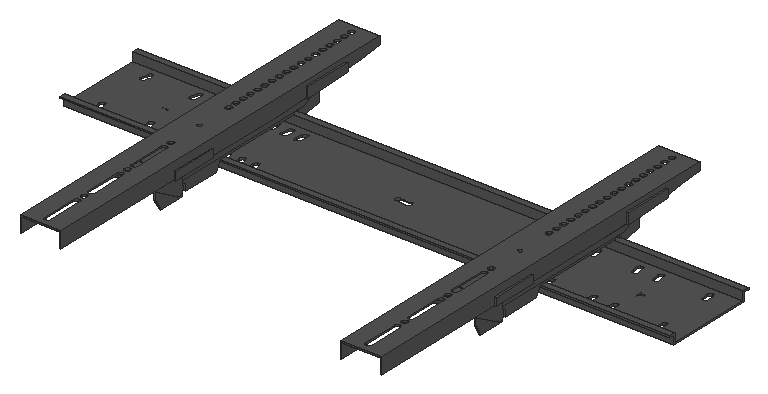
Revit family "Display_Mount-Wall-Vogels-PFW6810", category Specialty Equipment, host Face, Revit 2019
Family settings
  Host = Face
  Round Connector Dimension = Use Diameter
  Part Type = Normal
  Cut with Voids When Loaded = No
  Shared = No
  Room Calculation Point = No
Parameters (values of type "PFW 6810")
  Width = 33.23"
  Distance Between Strips [instance] = 17.45"
  Angle Top [instance] = if([5º Tilt], 24.54°, if([10º Tilt], 43.55°, if([15º Tilt], 55.51°, 0.00°)))  # 0.00°
  URL = "https://www.vogels.com/en/p/pfw-6810-display-wall-mount-tilt"
  Rail Width = 5.35"  # constant formula
  Product Material = Metal - Painted - Vogels - Black
  Pivot Horizontal Offset [instance] = if([5º Tilt], 2.56", if([10º Tilt], 3.06", if([15º Tilt], 3.08", 1.45")))  # 1.45"
  Model = "PFW 6810"  # constant formula
  Minimum Screen Size Inches = 55.00"  # constant formula
  Maximum Weight Load = 75 kg  # constant formula
  Maximum Screen Size Inches = 80.00"  # constant formula
  Manufacturer = "Vogel´s"  # constant formula
  Pivot Vertical Offset [instance] = if([5º Tilt], 7.10", if([10º Tilt], 6.27", if([15º Tilt], 5.54", 7.51")))  # 7.51"
  Height = 21.65354"
  Description = "Display Wall Mount Tilt. Tilt in 0°, 5°, 10° and 15° Increments"
  Depth = 2.04493"
  Default Elevation = 48.00"
  Angle Bottom [instance] = if([5º Tilt], 41.70°, if([10º Tilt], 75.99°, if([15º Tilt], 101.51°, 0.00°)))  # 0.00°
  Angle [instance] = if([5º Tilt], 5.00°, if([10º Tilt], 10.00°, if([15º Tilt], 15.00°, 0.00°)))  # 0.00°
  5º Tilt [instance] = no
  15º Tilt [instance] = no
  10º Tilt [instance] = no
  0º Tilt [instance] = yes
Reference planes (in)
  plane 1 "Center (Front/Back)": y = 0
  plane 2: z = 0
  plane 3 "Center (Left/Right)": x = 0
  plane 4: x = -16.615
  plane 5: x = 16.615
  plane 6: x = -8.725
  plane 7: x = 8.725
  plane 8: z = 2.04493
  plane 9: y = 2.675
  plane 10: y = -2.675
  plane 11 "Pivot Plane Horizontal": z = 1.45
  plane 12 "Pivot Plane Vertical": y = -7.51
  plane 13: y = -13.81323
  plane 14: y = 7.84032
  plane 15: y = 3.18993
  plane 16 "Anchor Pivot Plane": z = 1.45662
  plane 17: y = -5.86535
Forms (in)
  Extrusion 1, solid, material "Metal - Painted - Vogels - Black" <- "Product Material"
    sketch origin (0, 0, 0) x (0, 1, 0) y (0, 0, 1)
      loop
        line (2.39941, 0) -> (2.39941, 0.47244) -> (2.675, 0.47244) -> (2.675, 0.55118) -> (2.32067, 0.55118) -> (2.32067, 0.07874) -> (-2.32067, 0.07874) -> (-2.32067, 0.55118) -> (-2.675, 0.55118) -> (-2.675, 0.47244) -> (-2.39941, 0.47244) -> (-2.39941, 0) -> (2.39941, 0)
    from -16.615 to 16.615
  Sweep 2, void
    path origin (0, -4.15176, 0) x (-1, 0, 0) y (0, 0, 1)
      loop
        line (0, 1.45) -> (0, 0)
    profile origin (0, -4.15176, 0.725) x (0, 1, 0) y (-1, 0, 0)
      loop
        line (4.15628, 13.11106) -> (3.9988, 12.7961) -> (4.31376, 12.7961) -> (4.15628, 13.11106)
      loop
        line (5.96657, 12.72539) -> (5.59938, 12.792)
        arc (5.59938, 12.792) -> (5.41466, 12.66266) -> (5.54399, 12.47794) r 0.15945
        line (5.54399, 12.47794) -> (5.90966, 12.41162)
        arc (5.90966, 12.41162) -> (6.095, 12.54005) -> (5.96657, 12.72539) r 0.15945
      loop
        line (4.15628, -13.11106) -> (4.31376, -12.7961) -> (3.9988, -12.7961) -> (4.15628, -13.11106)
      loop
        line (4.31121, -0.29528) -> (4.31121, 0.29528)
        arc (4.31121, 0.29528) -> (4.15176, 0.45472) -> (3.99231, 0.29528) r 0.15945
        line (3.99231, 0.29528) -> (3.99231, -0.29528)
        arc (3.99231, -0.29528) -> (4.15176, -0.45472) -> (4.31121, -0.29528) r 0.15945
      loop
        arc (2.33695, 12.72539) -> (2.20852, 12.54005) -> (2.39387, 12.41162) r 0.15945
        line (2.39387, 12.41162) -> (2.75954, 12.47794)
        arc (2.75954, 12.47794) -> (2.88887, 12.66266) -> (2.70415, 12.792) r 0.15945
        line (2.70415, 12.792) -> (2.33695, 12.72539)
      loop
        line (5.96657, 11.57947) -> (5.59938, 11.64608)
        arc (5.59938, 11.64608) -> (5.41466, 11.51674) -> (5.54399, 11.33202) r 0.15945
        line (5.54399, 11.33202) -> (5.90966, 11.2657)
        arc (5.90966, 11.2657) -> (6.095, 11.39413) -> (5.96657, 11.57947) r 0.15945
      loop
        arc (2.33695, 11.57947) -> (2.20852, 11.39413) -> (2.39387, 11.2657) r 0.15945
        line (2.39387, 11.2657) -> (2.75954, 11.33202)
        arc (2.75954, 11.33202) -> (2.88887, 11.51674) -> (2.70415, 11.64608) r 0.15945
        line (2.70415, 11.64608) -> (2.33695, 11.57947)
      loop
        line (5.96657, 9.28797) -> (5.59938, 9.35457)
        arc (5.59938, 9.35457) -> (5.41466, 9.22524) -> (5.54399, 9.04052) r 0.15945
        line (5.54399, 9.04052) -> (5.90966, 8.97419)
        arc (5.90966, 8.97419) -> (6.095, 9.10263) -> (5.96657, 9.28797) r 0.15945
      loop
        arc (2.33695, 9.28797) -> (2.20852, 9.10263) -> (2.39387, 8.97419) r 0.15945
        line (2.39387, 8.97419) -> (2.75954, 9.04052)
        arc (2.75954, 9.04052) -> (2.88887, 9.22524) -> (2.70415, 9.35457) r 0.15945
        line (2.70415, 9.35457) -> (2.33695, 9.28797)
      loop
        line (5.96657, 8.52199) -> (5.59938, 8.58859)
        arc (5.59938, 8.58859) -> (5.41466, 8.45926) -> (5.54399, 8.27454) r 0.15945
        line (5.54399, 8.27454) -> (5.90966, 8.20821)
        arc (5.90966, 8.20821) -> (6.095, 8.33664) -> (5.96657, 8.52199) r 0.15945
      loop
        arc (2.33695, 8.52199) -> (2.20852, 8.33664) -> (2.39387, 8.20821) r 0.15945
        line (2.39387, 8.20821) -> (2.75954, 8.27454)
        arc (2.75954, 8.27454) -> (2.88887, 8.45926) -> (2.70415, 8.58859) r 0.15945
        line (2.70415, 8.58859) -> (2.33695, 8.52199)
      loop
        line (5.96657, 7.75603) -> (5.59938, 7.82263)
        arc (5.59938, 7.82263) -> (5.41466, 7.69329) -> (5.54399, 7.50857) r 0.15945
        line (5.54399, 7.50857) -> (5.90966, 7.44225)
        arc (5.90966, 7.44225) -> (6.095, 7.57068) -> (5.96657, 7.75603) r 0.15945
      loop
        arc (2.33695, 7.75603) -> (2.20852, 7.57068) -> (2.39387, 7.44225) r 0.15945
        line (2.39387, 7.44225) -> (2.75954, 7.50857)
        arc (2.75954, 7.50857) -> (2.88887, 7.69329) -> (2.70415, 7.82263) r 0.15945
        line (2.70415, 7.82263) -> (2.33695, 7.75603)
      loop
        line (5.96657, 6.99005) -> (5.59938, 7.05666)
        arc (5.59938, 7.05666) -> (5.41466, 6.92732) -> (5.54399, 6.7426) r 0.15945
        line (5.54399, 6.7426) -> (5.90966, 6.67628)
        arc (5.90966, 6.67628) -> (6.095, 6.80471) -> (5.96657, 6.99005) r 0.15945
      loop
        arc (2.33695, 6.99005) -> (2.20852, 6.80471) -> (2.39387, 6.67628) r 0.15945
        line (2.39387, 6.67628) -> (2.75954, 6.7426)
        arc (2.75954, 6.7426) -> (2.88887, 6.92732) -> (2.70415, 7.05666) r 0.15945
        line (2.70415, 7.05666) -> (2.33695, 6.99005)
      loop
        line (5.96657, 15.3992) -> (5.59938, 15.46581)
        arc (5.59938, 15.46581) -> (5.41466, 15.33647) -> (5.54399, 15.15175) r 0.15945
        line (5.54399, 15.15175) -> (5.90966, 15.08543)
        arc (5.90966, 15.08543) -> (6.095, 15.21386) -> (5.96657, 15.3992) r 0.15945
      loop
        arc (2.33695, 15.3992) -> (2.20852, 15.21386) -> (2.39387, 15.08543) r 0.15945
        line (2.39387, 15.08543) -> (2.75954, 15.15175)
        arc (2.75954, 15.15175) -> (2.88887, 15.33647) -> (2.70415, 15.46581) r 0.15945
        line (2.70415, 15.46581) -> (2.33695, 15.3992)
      loop
        arc (5.96657, -15.3992) -> (6.095, -15.21386) -> (5.90966, -15.08543) r 0.15945
        line (5.90966, -15.08543) -> (5.54399, -15.15175)
        arc (5.54399, -15.15175) -> (5.41466, -15.33647) -> (5.59938, -15.46581) r 0.15945
        line (5.59938, -15.46581) -> (5.96657, -15.3992)
      loop
        line (2.33695, -15.3992) -> (2.70415, -15.46581)
        arc (2.70415, -15.46581) -> (2.88887, -15.33647) -> (2.75954, -15.15175) r 0.15945
        line (2.75954, -15.15175) -> (2.39387, -15.08543)
        arc (2.39387, -15.08543) -> (2.20852, -15.21386) -> (2.33695, -15.3992) r 0.15945
      loop
        arc (5.96657, -12.72539) -> (6.095, -12.54005) -> (5.90966, -12.41162) r 0.15945
        line (5.90966, -12.41162) -> (5.54399, -12.47794)
        arc (5.54399, -12.47794) -> (5.41466, -12.66266) -> (5.59938, -12.792) r 0.15945
        line (5.59938, -12.792) -> (5.96657, -12.72539)
      loop
        line (2.33695, -12.72539) -> (2.70415, -12.792)
        arc (2.70415, -12.792) -> (2.88887, -12.66266) -> (2.75954, -12.47794) r 0.15945
        line (2.75954, -12.47794) -> (2.39387, -12.41162)
        arc (2.39387, -12.41162) -> (2.20852, -12.54005) -> (2.33695, -12.72539) r 0.15945
      loop
        arc (5.96657, -11.57947) -> (6.095, -11.39413) -> (5.90966, -11.2657) r 0.15945
        line (5.90966, -11.2657) -> (5.54399, -11.33202)
        arc (5.54399, -11.33202) -> (5.41466, -11.51674) -> (5.59938, -11.64608) r 0.15945
        line (5.59938, -11.64608) -> (5.96657, -11.57947)
      loop
        line (2.33695, -11.57947) -> (2.70415, -11.64608)
        arc (2.70415, -11.64608) -> (2.88887, -11.51674) -> (2.75954, -11.33202) r 0.15945
        line (2.75954, -11.33202) -> (2.39387, -11.2657)
        arc (2.39387, -11.2657) -> (2.20852, -11.39413) -> (2.33695, -11.57947) r 0.15945
      loop
        arc (5.96657, -9.28797) -> (6.095, -9.10263) -> (5.90966, -8.97419) r 0.15945
        line (5.90966, -8.97419) -> (5.54399, -9.04052)
        arc (5.54399, -9.04052) -> (5.41466, -9.22524) -> (5.59938, -9.35457) r 0.15945
        line (5.59938, -9.35457) -> (5.96657, -9.28797)
      loop
        line (2.33695, -9.28797) -> (2.70415, -9.35457)
        arc (2.70415, -9.35457) -> (2.88887, -9.22524) -> (2.75954, -9.04052) r 0.15945
        line (2.75954, -9.04052) -> (2.39387, -8.97419)
        arc (2.39387, -8.97419) -> (2.20852, -9.10263) -> (2.33695, -9.28797) r 0.15945
      loop
        arc (5.96657, -8.52195) -> (6.095, -8.3366) -> (5.90966, -8.20817) r 0.15945
        line (5.90966, -8.20817) -> (5.54399, -8.27449)
        arc (5.54399, -8.27449) -> (5.41466, -8.45921) -> (5.59938, -8.58855) r 0.15945
        line (5.59938, -8.58855) -> (5.96657, -8.52195)
      loop
        line (2.33695, -8.52195) -> (2.70415, -8.58855)
        arc (2.70415, -8.58855) -> (2.88887, -8.45921) -> (2.75954, -8.27449) r 0.15945
        line (2.75954, -8.27449) -> (2.39387, -8.20817)
        arc (2.39387, -8.20817) -> (2.20852, -8.3366) -> (2.33695, -8.52195) r 0.15945
      loop
        arc (5.96657, -7.75834) -> (6.095, -7.57299) -> (5.90966, -7.44456) r 0.15945
        line (5.90966, -7.44456) -> (5.54399, -7.51088)
        arc (5.54399, -7.51088) -> (5.41466, -7.6956) -> (5.59938, -7.82494) r 0.15945
        line (5.59938, -7.82494) -> (5.96657, -7.75834)
      loop
        line (2.33695, -7.75834) -> (2.70415, -7.82494)
        arc (2.70415, -7.82494) -> (2.88887, -7.6956) -> (2.75954, -7.51088) r 0.15945
        line (2.75954, -7.51088) -> (2.39387, -7.44456)
        arc (2.39387, -7.44456) -> (2.20852, -7.57299) -> (2.33695, -7.75834) r 0.15945
      loop
        arc (5.96657, -6.99) -> (6.095, -6.80466) -> (5.90966, -6.67622) r 0.15945
        line (5.90966, -6.67622) -> (5.54399, -6.74255)
        arc (5.54399, -6.74255) -> (5.41466, -6.92727) -> (5.59938, -7.0566) r 0.15945
        line (5.59938, -7.0566) -> (5.96657, -6.99)
      loop
        line (2.33695, -6.99) -> (2.70415, -7.0566)
        arc (2.70415, -7.0566) -> (2.88887, -6.92727) -> (2.75954, -6.74255) r 0.15945
        line (2.75954, -6.74255) -> (2.39387, -6.67622)
        arc (2.39387, -6.67622) -> (2.20852, -6.80466) -> (2.33695, -6.99) r 0.15945
Cuts and joins
  Sweep 2 cuts Extrusion 1
Lines and regions (in)
  reference lines
    curve 1: line (0, -7.51, 1.45) -> (0, -2.51, 1.45)
    curve 2: line (0, -7.51, 1.45) -> (0, -7.51, 6.45)
    curve 3: line (0, 3.18993, 1.45662) -> (0, -0.85973, 1.45662)
    curve 4: line (0, 3.18993, 1.45662) -> (0, 3.18993, 3.16035)
    curve 5: line (0, -5.86535, 1.45662) -> (0, -8.40309, 1.45662)
    curve 6: line (0, -5.86535, 1.45662) -> (0, -5.86535, 3.70662)
Dimensions and locks (in)
  equal spacing: plane 4, plane 3 "Center (Left/Right)", plane 5
  "Width": plane 4 to plane 5
  "Depth": plane 8 to plane 2
  equal spacing: plane 9, plane 1 "Center (Front/Back)", plane 10
  "Rail Width": plane 9 to plane 10
  locked: plane 1 "Center (Front/Back)" to plane 14 at 7.84032
  "Height": plane 13 to plane 14
  Extrusion 1 sketch curve to Extrusion 1 sketch curve to plane 10 = 0.07874" locked, 0.27559" locked
  plane 9 to Extrusion 1 sketch curve to Extrusion 1 sketch curve = 0.27559" locked, 0.07874" locked
  "Pivot Vertical Offset": plane 1 "Center (Front/Back)" to plane 12 "Pivot Plane Vertical"
  "Pivot Horizontal Offset": plane 11 "Pivot Plane Horizontal" to plane 2
  locked: plane 2 to plane 16 "Anchor Pivot Plane" at 1.45662
  plane 15 to plane 1 "Center (Front/Back)" to plane 17 = 3.18993" locked, 5.86535" locked
  equal spacing: plane 6, plane 3 "Center (Left/Right)", plane 7
  "Distance Between Strips": plane 6 to plane 7
  locked: curve 1 to curve 2 (angle 90.00°)
  "Angle": angle plane 11 "Pivot Plane Horizontal" to curve 1
  "Angle Top": angle plane 16 "Anchor Pivot Plane" to curve 3
  locked: curve 3 to curve 4 (angle 90.00°)
  "Angle Bottom": angle plane 16 "Anchor Pivot Plane" to curve 5
  locked: curve 5 to curve 6 (angle 90.00°)
  aligned and locked: plane 2 to host face
  aligned and locked: level to host face
  aligned and locked: Extrusion 1 to plane 4
  aligned and locked: Extrusion 1 to plane 5
  aligned and locked: plane 7 to nested 1
  aligned and locked: nested 2 to plane 6
  aligned and locked: nested 3 to plane 6
  aligned and locked: plane 7 to nested 4
  aligned and locked: plane 3 "Center (Left/Right)" to Sweep 2 sketch curve
  aligned and locked: plane 11 "Pivot Plane Horizontal" to Sweep 2 sketch curve
  aligned and locked: plane 2 to Sweep 2 sketch curve
  aligned and locked: plane 9 to Extrusion 1 sketch curve
  aligned and locked: Extrusion 1 sketch curve to plane 10
  aligned and locked: plane 15 to curve 3
  aligned and locked: plane 16 "Anchor Pivot Plane" to curve 3
  aligned and locked: plane 16 "Anchor Pivot Plane" to curve 6
  aligned and locked: plane 17 to curve 6
  aligned and locked: nested 5 to curve 4
  aligned and locked: nested 6 to curve 6
  aligned and locked: nested 5 to plane 6
  aligned and locked: nested 6 to plane 6
  aligned and locked: nested 7 to curve 4
  aligned and locked: nested 8 to curve 6
  aligned and locked: plane 7 to nested 7
  aligned and locked: plane 7 to nested 8
  aligned and locked: plane 12 "Pivot Plane Vertical" to curve 2
  aligned and locked: nested 2 to curve 2
  aligned and locked: plane 11 "Pivot Plane Horizontal" to curve 1
Automatic sketch dimensions
  host sketch curve to host sketch curve = 96.00"  (x2)
  Extrusion 1 sketch curve to level = 0.00"
  level to Extrusion 1 sketch curve = 0.07874"
  Extrusion 1 sketch curve to Extrusion 1 sketch curve = 0.3937"
  level to Extrusion 1 sketch curve = 0.47244"
  Extrusion 1 sketch curve to Extrusion 1 sketch curve = 0.07874"  (x2)
  profile plane to Sweep 2 sketch curve = 2.33695"  (x6)
  Sweep 2 sketch curve to Sweep 2 sketch curve = 0.00"  (x18)
  Sweep 2 sketch curve to Sweep 2 sketch curve = 0.02846"  (x56)
  Sweep 2 sketch curve to Sweep 2 sketch curve = 0.36719"  (x14)
  Sweep 2 sketch curve to Sweep 2 sketch curve = 0.02769"  (x56)
  profile plane to Sweep 2 sketch curve = 0.29528"
  profile plane to Sweep 2 sketch curve = 3.99231"
  Sweep 2 sketch curve to Sweep 2 sketch curve = 1.26696"  (x2)
  Sweep 2 sketch curve to Sweep 2 sketch curve = 0.15945"
  Sweep 2 sketch curve to Sweep 2 sketch curve = 0.15748"  (x2)
  Sweep 2 sketch curve to Sweep 2 sketch curve = 0.31496"  (x4)
  Sweep 2 sketch curve to Sweep 2 sketch curve = 2.78446"  (x2)
  Sweep 2 sketch curve to Sweep 2 sketch curve = 1.38771"  (x2)
  Sweep 2 sketch curve to Sweep 2 sketch curve = 1.23023"  (x2)
  Sweep 2 sketch curve to Sweep 2 sketch curve = 0.36567"  (x14)
  Sweep 2 sketch curve to Sweep 2 sketch curve = 6.38095"
  Sweep 2 sketch curve to Sweep 2 sketch curve = 0.06632"  (x28)
  Sweep 2 sketch curve to Sweep 2 sketch curve = 0.15689"  (x28)
  Sweep 2 sketch curve to Sweep 2 sketch curve = 0.15703"  (x28)
  Sweep 2 sketch curve to Sweep 2 sketch curve = 0.45456"  (x2)
  Sweep 2 sketch curve to Sweep 2 sketch curve = 0.44983"  (x2)
  Sweep 2 sketch curve to Sweep 2 sketch curve = 0.45225"  (x2)
  Sweep 2 sketch curve to Sweep 2 sketch curve = 1.91112"  (x4)
  Sweep 2 sketch curve to Sweep 2 sketch curve = 0.76554"  (x4)
  Sweep 2 sketch curve to Sweep 2 sketch curve = 0.16113"  (x2)
  Sweep 2 sketch curve to Sweep 2 sketch curve = 2.29343"  (x4)
  Sweep 2 sketch curve to profile plane = 0.29528"
  Sweep 2 sketch curve to Sweep 2 sketch curve = 6.381"
  Sweep 2 sketch curve to Sweep 2 sketch curve = 0.45219"  (x4)
  Sweep 2 sketch curve to Sweep 2 sketch curve = 0.4522"  (x2)
Nested families (in)
  nested 1: "Display_Mount-Wall-Vogels-PFW6410-Tilt_Bracket" at (8.725, -7.51, 1.45), Product Material <- "Product Material", type "Tilt Bracket"
    with Product Material Metal - Painted - Vogels - Black
  nested 2: "Display_Mount-Wall-Vogels-PFW6410-Tilt_Bracket" at (-8.725, -7.51, 1.45), Product Material <- "Product Material", type "Tilt Bracket"
    with Product Material Metal - Painted - Vogels - Black
  nested 3: "Display_Mount-Wall-Vogels-PFW6410-Support_Bracket" at (-8.725, -0.00472, 0), Product Material <- "Product Material", type "Support"
    with Product Material Metal - Painted - Vogels - Black
  nested 4: "Display_Mount-Wall-Vogels-PFW6410-Support_Bracket" at (8.725, -0.00472, 0), Product Material <- "Product Material", type "Support"
    with Product Material Metal - Painted - Vogels - Black
  nested 5: "Display_Mount-Wall-Vogels-PFW6410-Upper_Pivot" at (-8.725, 3.18993, 1.45662), Product Material <- "Product Material", type "Upper Pivot Anchor"
    with Product Material Metal - Painted - Vogels - Black
  nested 6: "Display_Mount-Wall-Vogels-PFW6410-Lower_Pivot" at (-8.725, -5.86535, 1.45662), Product Material <- "Product Material", type "Lower Pivot Anchor"
    with Product Material Metal - Painted - Vogels - Black
  nested 7: "Display_Mount-Wall-Vogels-PFW6410-Upper_Pivot" at (8.725, 3.18993, 1.45662), Product Material <- "Product Material", type "Upper Pivot Anchor"
    with Product Material Metal - Painted - Vogels - Black
  nested 8: "Display_Mount-Wall-Vogels-PFW6410-Lower_Pivot" at (8.725, -5.86535, 1.45662), Product Material <- "Product Material", type "Lower Pivot Anchor"
    with Product Material Metal - Painted - Vogels - Black
Definition of nested family "Display_Mount-Wall-Vogels-PFW6410-Tilt_Bracket"
  Parameters (values of type "Tilt Bracket")
    Default Elevation = 48.00"
    Product Material [instance] = none
  Reference planes (in)
    plane 1 "Center (Front/Back)": y = 0
    plane 2: z = 0
    plane 3 "Center (Left/Right)": x = 0
    plane 4 "Display Plane": z = 0.59055
    plane 5: y = 15.35433
    plane 6: y = -6.29921
    plane 7: x = -1.11417
    plane 8: x = 1.11417
    plane 9: z = -0.26575
    plane 10: y = 6.65354
  Forms (in)
    Sweep 1, solid, material <- "Product Material"
      path origin (0, 0, 0) x (1, 0, 0) y (0, 1, 0)
        loop
          line (0, 15.35433) -> (0, -6.29921)
      profile origin (0, 4.52756, 0) x (1, 0, 0) y (0, 0, 1)
        loop
          line (-1.11417, 0.59055) -> (-1.11417, -0.26575) -> (-1.05512, -0.26575) -> (-1.05512, 0.5315) -> (1.05512, 0.5315) -> (1.05512, -0.26575) -> (1.11417, -0.26575) -> (1.11417, 0.59055) -> (-1.11417, 0.59055)
    Extrusion 2, void
      sketch origin (0, 0, 0) x (0, 1, 0) y (0, 0, 1)
        loop
          line (15.35433, 0.16782) -> (14.14792, 0.04103)
          arc (14.14792, 0.04103) -> (11.22514, -0.189) -> (8.29433, -0.26575) r 56
          line (8.29433, -0.26575) -> (15.35433, -0.26575) -> (15.35433, 0.16782)
      from -1.6186 to 1.54871
    Extrusion 3, void
      sketch origin (0, 0, 0) x (1, 0, 0) y (0, 1, 0)
        loop
          line (-0.15748, 4.52756) -> (0, 4.40945) -> (0.15748, 4.52756) -> (0, 4.64567) -> (-0.15748, 4.52756)
        loop
          circle (0, 14.86278) r 0.16073
        loop
          circle (0, 14.37086) r 0.16073
        loop
          circle (0, 13.87894) r 0.16073
        loop
          circle (0, 13.38701) r 0.16073
        loop
          circle (0, 12.89509) r 0.16073
        loop
          circle (0, 12.40317) r 0.16073
        loop
          circle (0, 11.91125) r 0.16073
        loop
          circle (0, 11.41932) r 0.16073
        loop
          circle (0, 10.9274) r 0.16073
        loop
          circle (0, 10.43548) r 0.16073
        loop
          circle (0, 9.94355) r 0.16073
        loop
          circle (0, 9.45163) r 0.16073
        loop
          circle (0, 8.95971) r 0.16073
        loop
          circle (0, 8.46779) r 0.16073
        loop
          circle (0, 7.97586) r 0.16073
        loop
          circle (0, 7.48394) r 0.16073
        loop
          circle (0, 6.99202) r 0.16073
        loop
          circle (0, 6.50009) r 0.16073
        loop
          circle (0, 2.5591) r 0.16073
        loop
          arc (0.16073, 2.06718) -> (0, 2.22791) -> (-0.16073, 2.06718) r 0.16073
          line (-0.16073, 2.06718) -> (-0.16073, 0.09761)
          arc (-0.16073, 0.09761) -> (0, -0.06312) -> (0.16073, 0.09761) r 0.16073
          line (0.16073, 0.09761) -> (0.16073, 2.06718)
        loop
          circle (0, -0.39431) r 0.16073
        loop
          arc (0.16073, -0.88623) -> (0, -0.7255) -> (-0.16073, -0.88623) r 0.16073
          line (-0.16073, -0.88623) -> (-0.16073, -2.8558)
          arc (-0.16073, -2.8558) -> (0, -3.01653) -> (0.16073, -2.8558) r 0.16073
          line (0.16073, -2.8558) -> (0.16073, -0.88623)
        loop
          circle (0, -3.34772) r 0.16073
        loop
          arc (0.16073, -3.83964) -> (0, -3.67891) -> (-0.16073, -3.83964) r 0.16073
          line (-0.16073, -3.83964) -> (-0.16073, -5.80921)
          arc (-0.16073, -5.80921) -> (0, -5.96994) -> (0.16073, -5.80921) r 0.16073
          line (0.16073, -5.80921) -> (0.16073, -3.83964)
      from 0 to 0.59055
    Extrusion 4, solid, material <- "Product Material"
      sketch origin (0, 0, 0) x (1, 0, 0) y (0, 1, 0)
        loop
          line (-1.25197, 13.01181) -> (-1.25197, 10.33465) -> (-1.11417, 10.33465) -> (-1.11417, 13.01181) -> (-1.25197, 13.01181)
        loop
          line (1.25197, 13.01181) -> (1.11417, 13.01181) -> (1.11417, 10.33465) -> (1.25197, 10.33465) -> (1.25197, 13.01181)
      from -0.26575 to 0.37402
    Extrusion 5, solid, material <- "Product Material"
      sketch origin (0, 0, 0) x (1, 0, 0) y (0, 1, 0)
        loop
          line (-1.23228, 3.85868) -> (-1.23228, 1.36207) -> (-1.11417, 1.36207) -> (-1.11417, 3.85868) -> (-1.23228, 3.85868)
        loop
          line (1.23228, 3.85868) -> (1.11417, 3.85868) -> (1.11417, 1.36207) -> (1.23228, 1.36207) -> (1.23228, 3.85868)
      from -0.26575 to 0.16732
  Cuts and joins
    Extrusion 2, Extrusion 3 cuts Sweep 1
    Extrusion 2 cuts Extrusion 4
    joined: Sweep 1, Extrusion 4, Extrusion 5
  Dimensions and locks (in)
    locked: plane 6 to plane 1 "Center (Front/Back)" at 6.29921
    locked: plane 6 to plane 5 at 21.65354
    equal spacing: plane 8, plane 3 "Center (Left/Right)", plane 7
    plane 8 to plane 7 = 2.22835"
    locked: plane 10 to plane 1 "Center (Front/Back)" at 6.65354
    aligned and locked: level to plane 2
    aligned and locked: Sweep 1 sketch curve to plane 3 "Center (Left/Right)"
    aligned and locked: plane 5 to Sweep 1 sketch curve
    aligned and locked: plane 6 to Sweep 1 sketch curve
    aligned and locked: Sweep 1 sketch curve to plane 4 "Display Plane"
    aligned and locked: plane 7 to Sweep 1 sketch curve
    aligned and locked: plane 8 to Sweep 1 sketch curve
    aligned and locked: plane 9 to Sweep 1 sketch curve  (x2)
    aligned and locked: plane 4 "Display Plane" to Extrusion 3
    aligned and locked: Extrusion 3 to level
    aligned and locked: Extrusion 4 sketch curve to plane 7
    aligned and locked: plane 8 to Extrusion 4 sketch curve
    aligned and locked: Extrusion 4 to plane 9
    aligned and locked: plane 5 to Extrusion 2 sketch curve
  Automatic sketch dimensions
    Sweep 1 sketch curve to Sweep 1 sketch curve = 0.05906"  (x3)
    Extrusion 2 sketch curve to plane 9 = 0.00"  (x2)
    level to Extrusion 2 sketch curve = 0.04103"
    plane 5 to Extrusion 2 sketch curve = 1.20641"
    plane 5 to Extrusion 2 sketch curve = 7.06"
    level to Extrusion 2 sketch curve = 0.16782"
    Extrusion 2 sketch curve to Extrusion 2 sketch curve = 0.00"
    Extrusion 3 sketch curve to plane 3 "Center (Left/Right)" = 0.00"  (x26)
    Extrusion 3 sketch curve to plane 3 "Center (Left/Right)" = 0.15748"
    Extrusion 3 sketch curve to plane 3 "Center (Left/Right)" = 0.16073"  (x3)
    plane 3 "Center (Left/Right)" to Extrusion 3 sketch curve = 0.15748"
    Extrusion 3 sketch curve to plane 6 = 0.49001"
    Extrusion 3 sketch curve to Extrusion 3 sketch curve = 1.96956"  (x2)
    Extrusion 3 sketch curve to Extrusion 3 sketch curve = 0.49192"  (x19)
    plane 1 "Center (Front/Back)" to Extrusion 3 sketch curve = 0.88623"
    plane 1 "Center (Front/Back)" to Extrusion 3 sketch curve = 0.39431"
    Extrusion 3 sketch curve to plane 1 "Center (Front/Back)" = 0.09761"
    Extrusion 3 sketch curve to Extrusion 3 sketch curve = 1.85035"
    Extrusion 3 sketch curve to Extrusion 3 sketch curve = 0.11811"  (x3)
    Extrusion 3 sketch curve to Extrusion 3 sketch curve = 1.85443"
    plane 5 to Extrusion 3 sketch curve = 0.49155"
    Extrusion 4 sketch curve to plane 7 = 0.1378"
    Extrusion 4 sketch curve to plane 8 = 0.1378"
    plane 5 to Extrusion 4 sketch curve = 5.01969"
    Extrusion 4 sketch curve to Extrusion 4 sketch curve = 0.00"
    plane 5 to Extrusion 4 sketch curve = 2.34252"  (x2)
    Extrusion 5 sketch curve to plane 7 = 0.00"
    Extrusion 5 sketch curve to plane 8 = 0.00"
    Extrusion 5 sketch curve to plane 7 = 0.11811"
    Extrusion 5 sketch curve to plane 8 = 0.11811"
    Extrusion 5 sketch curve to plane 1 "Center (Front/Back)" = 1.36207"  (x2)
    Extrusion 5 sketch curve to Extrusion 5 sketch curve = 2.49661"
    Extrusion 5 sketch curve to Extrusion 5 sketch curve = 0.00"
    radius of Extrusion 3 sketch curve = 0.16073"  (x21)
Definition of nested family "Display_Mount-Wall-Vogels-PFW6410-Support_Bracket"
  Parameters (values of type "Support")
    URL = ""
    Product Material [instance] = none
    Model = ""
    Manufacturer = ""
    Description = ""
    Default Elevation = 48.00"
  Reference planes (in)
    plane 1 "Center (Front/Back)": y = 0
    plane 2: z = 0
    plane 3 "Center (Left/Right)": x = 0
    plane 4: x = -0.95669
    plane 5: x = 0.95669
    plane 6: z = 1.77165
    plane 7: z = 1.45438
    plane 8 "Pivot Plane Vertical 2": y = -5.86063
    plane 9 "Pivot Plane Vertical 1": y = 3.19465
  Forms (in)
    Extrusion 1, solid
      sketch origin (0, 0, 0) x (1, 0, 0) y (0, 1, 0)
        loop
          line (-48, 48) -> (-48, -48) -> (48, -48) -> (48, 48) -> (-48, 48)
      from 0 to -12
    Extrusion 2, solid, material <- "Product Material"
      sketch origin (0, 0, 0) x (0, 1, 0) y (0, 0, 1)
        loop
          line (2.89937, 0.76772) -> (3.58835, 1.1655) -> (3.58835, 1.45669)
          arc (3.58835, 1.45669) -> (3.4961, 1.6794) -> (3.27339, 1.77165) r 0.31496
          line (3.27339, 1.77165) -> (3.00296, 1.77165) -> (2.88566, 1.67323) -> (-6.76598, 1.67323) -> (-6.76598, 1.7126) -> (-7.19905, 1.7126) -> (-7.19905, 0.59055) -> (-6.8581, 0) -> (-5.4274, 0) -> (-5.4274, 0.76772) -> (2.89937, 0.76772)
      from -0.95669 to 0.95669
    Extrusion 3, solid, material <- "Product Material"
      sketch origin (0, 0, 0) x (1, 0, 0) y (0, 0, 1)
        loop
          line (0.95669, 1.77165) -> (-0.95669, 1.77165) -> (-0.95669, 1.67323) -> (-0.89764, 1.67323) -> (-0.89764, 1.7126) -> (0.89764, 1.7126) -> (0.89764, 1.67323) -> (0.95669, 1.67323) -> (0.95669, 1.77165)
      from -2.44662 to 6.6085
    Extrusion 4, void
      sketch origin (0, 0, 0) x (1, 0, 0) y (0, 0, 1)
        loop
          line (-0.89764, 0) -> (0.89764, 0) -> (0.89764, 1.77165) -> (-0.89764, 1.77165) -> (-0.89764, 0)
      from 0 to 7.19905
    Extrusion 5, solid, material <- "Product Material"
      sketch origin (0, 0, 0) x (0, 1, 0) y (0, 0, 1)
        loop
          line (4.01181, 0.41941) -> (4.01181, 1.77165) -> (2.67717, 1.77165) -> (2.59843, 1.69291) -> (0.90779, 1.69291) -> (0.48456, 1.26969) -> (-4.92021, 1.26969) -> (-5.25753, 1.32916) -> (-5.39637, 0.54176) -> (-5.05906, 0.48228) -> (-5.05906, 0.07874) -> (-3.01411, 0.07874) -> (-2.72998, 0.57087) -> (2.33071, 0.57087) -> (2.33071, 0.66929) -> (2.67717, 0.66929) -> (2.67717, 0.4682) -> (2.50787, 0.43701) -> (2.50787, 0.2417)
          arc (2.50787, 0.2417) -> (2.53625, 0.18346) -> (2.59895, 0.16713) r 0.07748
          line (2.59895, 0.16713) -> (4.01181, 0.41941)
      from -0.87795 to 0.87795
  Cuts and joins
    Extrusion 4 cuts Extrusion 2
    joined: Extrusion 2, Extrusion 3, Extrusion 5
  Lines and regions (in)
    symbolic lines
      curve 1: line (0, -6.32813, 0.5339) -> (0, -6.53285, 0.5339)
      curve 2: line (0, -6.43049, 0.63627) -> (0, -6.43049, 0.43154)
      curve 3: line (0, -6.74797, 1.01579) -> (0, -6.9527, 1.01579)
      curve 4: line (0, -6.85034, 1.11816) -> (0, -6.85034, 0.91343)
      curve 5: line (0, -6.84035, 1.48509) -> (0, -7.04507, 1.48509)
      curve 6: line (0, -6.94271, 1.58745) -> (0, -6.94271, 1.38272)
  Dimensions and locks (in)
    equal spacing: plane 4, plane 3 "Center (Left/Right)", plane 5
    locked: plane 4 to plane 5 at 1.91339
    equal spacing: Extrusion 4 sketch curve, plane 3 "Center (Left/Right)", Extrusion 4 sketch curve
    locked: Extrusion 4 sketch curve to Extrusion 4 sketch curve at 1.79528
    locked: plane 1 "Center (Front/Back)" to plane 8 "Pivot Plane Vertical 2" at 5.86063
    aligned and locked: plane 2 to Extrusion 1
    aligned and locked: level to Extrusion 1
    aligned and locked: plane 2 to Extrusion 2 sketch curve
    aligned and locked: Extrusion 4 sketch curve to plane 2
    aligned and locked: plane 6 to Extrusion 5 sketch curve
    aligned and locked: Extrusion 3 sketch curve to plane 4
    aligned and locked: plane 5 to Extrusion 3 sketch curve
    aligned and locked: Extrusion 4 to Extrusion 2
  Automatic sketch dimensions
    Extrusion 1 sketch curve to Extrusion 1 sketch curve = 96.00"  (x2)
    Extrusion 4 sketch curve to Extrusion 4 sketch curve = 1.77165"
    Extrusion 5 sketch curve to plane 8 "Pivot Plane Vertical 2" = 0.46426"
    plane 7 to Extrusion 5 sketch curve = 0.12521"
    Extrusion 5 sketch curve to Extrusion 5 sketch curve = 2.04495"
    level to Extrusion 5 sketch curve = 0.07874"
    plane 6 to Extrusion 5 sketch curve = 0.07874"
    Extrusion 5 sketch curve to Extrusion 5 sketch curve = 0.17717"
    plane 9 "Pivot Plane Vertical 1" to Extrusion 5 sketch curve = 0.59622"
    Extrusion 5 sketch curve to Extrusion 5 sketch curve = 0.07746"
    level to Extrusion 5 sketch curve = 0.16713"
    Extrusion 5 sketch curve to Extrusion 5 sketch curve = 0.01362"
    Extrusion 5 sketch curve to Extrusion 5 sketch curve = 0.07627"
    Extrusion 5 sketch curve to Extrusion 5 sketch curve = 0.19531"
    Extrusion 5 sketch curve to Extrusion 5 sketch curve = 0.05948"
    Extrusion 5 sketch curve to Extrusion 5 sketch curve = 0.16929"
    Extrusion 5 sketch curve to Extrusion 5 sketch curve = 0.03119"
    Extrusion 5 sketch curve to Extrusion 5 sketch curve = 0.20109"
    plane 9 "Pivot Plane Vertical 1" to Extrusion 5 sketch curve = 0.86394"
    level to Extrusion 5 sketch curve = 0.41941"
    Extrusion 5 sketch curve to plane 9 "Pivot Plane Vertical 1" = 0.81716"
    Extrusion 5 sketch curve to Extrusion 5 sketch curve = 0.07874"
    plane 7 to Extrusion 5 sketch curve = 0.18469"
    Extrusion 5 sketch curve to plane 1 "Center (Front/Back)" = 0.48456"
    Extrusion 5 sketch curve to Extrusion 5 sketch curve = 0.42323"
    Extrusion 5 sketch curve to Extrusion 5 sketch curve = 0.13884"
    Extrusion 5 sketch curve to Extrusion 5 sketch curve = 0.33732"
    Extrusion 5 sketch curve to Extrusion 5 sketch curve = 0.09843"
    Extrusion 5 sketch curve to Extrusion 5 sketch curve = 0.28413"
    plane 6 to Extrusion 2 sketch curve = 0.09843"
    plane 8 "Pivot Plane Vertical 2" to Extrusion 2 sketch curve = 0.90535"
    level to Extrusion 2 sketch curve = 0.59055"
    plane 9 "Pivot Plane Vertical 1" to Extrusion 2 sketch curve = 0.29528"
    plane 9 "Pivot Plane Vertical 1" to Extrusion 2 sketch curve = 0.19169"
    Extrusion 2 sketch curve to plane 9 "Pivot Plane Vertical 1" = 0.07874"
    Extrusion 2 sketch curve to plane 7 = 0.00232"
    plane 7 to Extrusion 2 sketch curve = 0.28888"
    plane 6 to Extrusion 2 sketch curve = 0.00"
    Extrusion 2 sketch curve to Extrusion 2 sketch curve = 0.1173"
    plane 7 to Extrusion 2 sketch curve = 0.68666"
    Extrusion 2 sketch curve to plane 8 "Pivot Plane Vertical 2" = 0.43323"
    Extrusion 2 sketch curve to Extrusion 2 sketch curve = 0.03937"
    curve 5 to plane 7 = 0.03071"
    plane 8 "Pivot Plane Vertical 2" to curve 5 = 1.18445"
    curve 5 to curve 3 = 0.09238"
    curve 5 to curve 6 = 0.10236"
    curve 3 to curve 4 = 0.10236"  (x2)
    curve 6 to curve 5 = 0.10236"
    curve 4 to curve 3 = 0.10236"  (x2)
    curve 4 to curve 1 = 0.31749"
    curve 1 to curve 2 = 0.10236"  (x2)
    curve 2 to curve 1 = 0.10236"  (x2)
    plane 7 to curve 6 = 0.07165"
    curve 4 to curve 6 = 0.26457"
    curve 2 to curve 3 = 0.37953"
    curve 6 to plane 7 = 0.13307"
    Extrusion 3 sketch curve to plane 6 = 0.00"
    Extrusion 3 sketch curve to Extrusion 3 sketch curve = 0.03937"  (x2)
    plane 6 to Extrusion 3 sketch curve = 0.09843"
    Extrusion 3 sketch curve to plane 4 = 0.05906"
    Extrusion 3 sketch curve to plane 5 = 0.05906"
    plane 8 "Pivot Plane Vertical 2" to Extrusion 2 sketch curve = 0.99747"
    Extrusion 2 sketch curve to Extrusion 2 sketch curve = 0.34095"
Definition of nested family "Display_Mount-Wall-Vogels-PFW6410-Upper_Pivot"
  Parameters (values of type "Upper Pivot Anchor")
    Default Elevation = 48.00"
    Product Material [instance] = none
  Reference planes (in)
    plane 1 "Center (Front/Back)": y = 0
    plane 2: z = 0
    plane 3 "Center (Left/Right)": x = 0
    plane 4: x = -1.03543
    plane 5: x = 1.03543
  Forms (in)
    Extrusion 1, solid, material <- "Product Material"
      sketch origin (0, 0, 0) x (0, 1, 0) y (0, 0, 1)
        loop
          line (-0.59055, 0.31496) -> (-0.59055, 0.3937) -> (-4.05512, 0.3937) -> (-4.05512, 0.23622)
          arc (-4.05512, 0.23622) -> (-4.29134, 0) -> (-4.05512, -0.23622) r 0.23622
          line (-4.05512, -0.23622) -> (-1.73228, -0.23622) -> (-1.65354, -0.31496) -> (0, -0.31496)
          arc (0, -0.31496) -> (0.31496, 0) -> (0, 0.31496) r 0.31496
          line (0, 0.31496) -> (-0.59055, 0.31496)
      from -1.03543 to 1.03543
    Extrusion 2, void
      sketch origin (0, 0, 0) x (1, 0, 0) y (0, 0, 1)
        loop
          line (-0.97638, -0.36133) -> (0.97638, -0.36133) -> (0.97638, 0.33465) -> (-0.97638, 0.33465) -> (-0.97638, -0.36133)
      from -0.34612 to 4.35094
    Extrusion 3, void
      sketch origin (0, 0, 0) x (1, 0, 0) y (0, 1, 0)
        loop
          line (0.82677, -0.59055) -> (-0.82677, -0.59055) -> (-0.47244, -0.94488) -> (-0.47244, -2.95276)
          arc (-0.47244, -2.95276) -> (0, -3.4252) -> (0.47244, -2.95276) r 0.47244
          line (0.47244, -2.95276) -> (0.47244, -0.94488) -> (0.82677, -0.59055)
      from 0 to 0.3937
  Cuts and joins
    Extrusion 2, Extrusion 3 cuts Extrusion 1
  Dimensions and locks (in)
    equal spacing: plane 5, plane 3 "Center (Left/Right)", plane 4
    locked: plane 5 to plane 4 at 2.07087
    aligned and locked: level to plane 2
    aligned and locked: Extrusion 1 to plane 4
    aligned and locked: Extrusion 1 to plane 5
  Automatic sketch dimensions
    plane 1 "Center (Front/Back)" to Extrusion 1 sketch curve = 0.59055"
    Extrusion 1 sketch curve to Extrusion 1 sketch curve = 0.31496"
    Extrusion 1 sketch curve to Extrusion 1 sketch curve = 0.07874"  (x2)
    Extrusion 1 sketch curve to Extrusion 1 sketch curve = 1.06299"
    Extrusion 1 sketch curve to level = 0.23622"
    plane 4 to Extrusion 2 sketch curve = 0.05906"
    plane 5 to Extrusion 2 sketch curve = 0.05906"
    Extrusion 2 sketch curve to level = 0.36133"
    Extrusion 3 sketch curve to plane 3 "Center (Left/Right)" = 0.00"
    plane 4 to Extrusion 3 sketch curve = 0.20866"
    plane 5 to Extrusion 3 sketch curve = 0.20866"
    plane 1 "Center (Front/Back)" to Extrusion 3 sketch curve = 2.95276"
    plane 1 "Center (Front/Back)" to Extrusion 3 sketch curve = 0.94488"  (x2)
    level to Extrusion 2 sketch curve = 0.33465"
    Extrusion 3 sketch curve to plane 3 "Center (Left/Right)" = 0.47244"
    Extrusion 3 sketch curve to Extrusion 3 sketch curve = 0.35433"
    Extrusion 1 sketch curve to Extrusion 1 sketch curve = 2.32283"
    Extrusion 1 sketch curve to plane 1 "Center (Front/Back)" = 0.00"
    Extrusion 1 sketch curve to level = 0.00"  (x2)
Definition of nested family "Display_Mount-Wall-Vogels-PFW6410-Lower_Pivot"
  Parameters (values of type "Lower Pivot Anchor")
    Default Elevation = 48.00"
    Product Material [instance] = none
  Reference planes (in)
    plane 1 "Center (Front/Back)": y = 0
    plane 2: z = 0
    plane 3 "Center (Left/Right)": x = 0
    plane 4: x = -1.03543
    plane 5: x = 1.03543
  Forms (in)
    Extrusion 1, solid, material <- "Product Material"
      sketch origin (0, 0, 0) x (0, 1, 0) y (0, 0, 1)
        loop
          line (-0.80709, 0.23622) -> (-0.80709, 0.31496) -> (-1.65354, 0.31496) -> (-1.65354, 0.23622)
          arc (-1.65354, 0.23622) -> (-1.88185, 0.06062) -> (-1.77072, -0.20511) r 0.23622
          arc (-1.77072, -0.20511) -> (-0.85635, -0.78225) -> (0.1052, -1.27682) r 12.29513
          arc (0.1052, -1.27682) -> (0.33049, -1.2421) -> (0.41129, -1.02895) r 0.22632
          line (0.41129, -1.02895) -> (0.233, 0.0389)
          arc (0.233, 0.0389) -> (0.15266, 0.18026) -> (0, 0.23622) r 0.23622
          line (0, 0.23622) -> (-0.80709, 0.23622)
      from -1.03543 to 1.03543
    Extrusion 2, void
      sketch origin (0, 0, 0) x (1, 0, 0) y (0, 0, 1)
        loop
          line (-0.97638, 0.25591) -> (-0.97638, -1.29261) -> (0.97638, -1.29261) -> (0.97638, 0.25591) -> (-0.97638, 0.25591)
      from -0.46336 to 1.93169
  Cuts and joins
    Extrusion 2 cuts Extrusion 1
  Dimensions and locks (in)
    equal spacing: plane 5, plane 3 "Center (Left/Right)", plane 4
    locked: plane 5 to plane 4 at 2.07087
    aligned and locked: level to plane 2
    aligned and locked: Extrusion 1 to plane 4
    aligned and locked: Extrusion 1 to plane 5
  Automatic sketch dimensions
    level to Extrusion 1 sketch curve = 0.23622"  (x2)
    Extrusion 1 sketch curve to Extrusion 1 sketch curve = 0.84646"
    level to Extrusion 1 sketch curve = 0.0389"
    Extrusion 1 sketch curve to Extrusion 1 sketch curve = 0.22323"
    Extrusion 1 sketch curve to plane 1 "Center (Front/Back)" = 5.24271"
    Extrusion 1 sketch curve to Extrusion 1 sketch curve = 0.03727"
    Extrusion 1 sketch curve to Extrusion 1 sketch curve = 0.07874"
    Extrusion 1 sketch curve to level = 1.02895"
    Extrusion 1 sketch curve to level = 0.20511"
    level to Extrusion 1 sketch curve = 9.89351"
    plane 4 to Extrusion 2 sketch curve = 0.05906"
    Extrusion 2 sketch curve to level = 1.29261"
    Extrusion 1 sketch curve to level = 0.00"  (x2)
    plane 5 to Extrusion 2 sketch curve = 0.05906"
    level to Extrusion 2 sketch curve = 0.25591"
    Extrusion 1 sketch curve to plane 1 "Center (Front/Back)" = 0.00"
    plane 1 "Center (Front/Back)" to Extrusion 1 sketch curve = 0.80709"
    Extrusion 1 sketch curve to plane 1 "Center (Front/Back)" = 0.18806"
